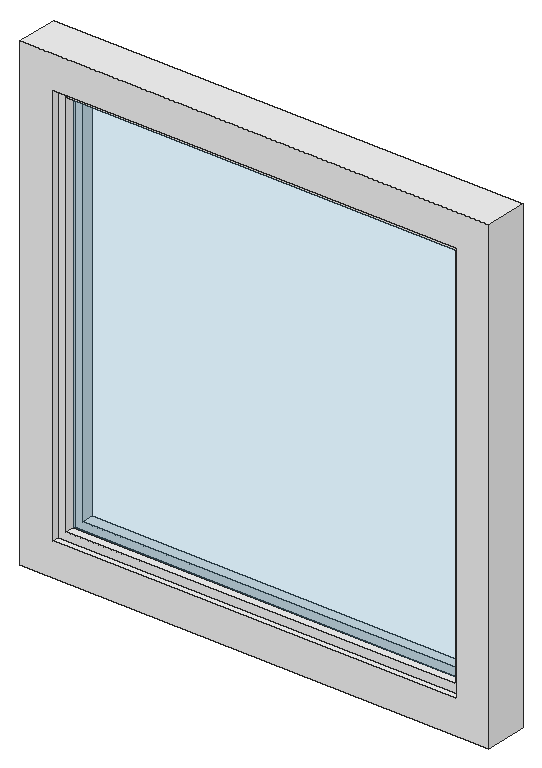
Revit family "Aspekt Casement Awning 3-1.25 Frame", category Windows, host Wall, Revit 2019
Family settings
  Host = Wall
  OmniClass Number = 23.30.20.00
  OmniClass Title = Windows
  Always vertical = Yes
  Cut with Voids When Loaded = Yes
  Shared = No
  Room Calculation Point = No
Parameters
  ifcExportType = "Door"  # constant formula
  ifcExportAs = "ifcWindowsType"  # constant formula
  Visual Light Transmittance = 0.78
  Uniclass 2015 Name = "Door and window systems"  # constant formula
  Uniclass 2015 Code = "Ss_25_03"  # constant formula
  URL = "www.rehau.com"
  Thermal Resistance (R) = 0.3501 (m²·K)/W
  Solar Heat Gain Coefficient = 0.7
  Rough Width = REH_Unit Width  # 1000 mm
  Rough Height = REH_Unit Height  # 1000 mm
  REH_WIND_RESISTANCE = "-"  # constant formula
  REH_WINDOWS_INSET = 150 mm
  REH_WATER_TIGHTNESS = "-"  # constant formula
  REH_Unit Width = Width  # 1000 mm
  REH_Unit Height = Height  # 1000 mm
  REH_SIZE_LIMIT_ERROR_OCCURRED = if(or(REH_MAXIMUM_WIDTH_EXCEEDED_1, REH_MAXIMUM_HEIGHT_EXCEEDED_1), 1 < 2, 1 > 2)  # no
  REH_SECTIONS = "-"  # constant formula
  REH_PROFILES_CONSTRUCTION_DEPTH = "-"  # constant formula
  REH_OPENING_TYPES = "-"  # constant formula
  REH_Material = RAU-PVC
  REH_MAXIMUM_WIDTH_EXCEEDED_1 = if(Width > REH_MAXIMUM_WIDTH_EXCEEDED, 1 < 2, 1 > 2)  # no
  REH_MAXIMUM_WIDTH_EXCEEDED = 2000 mm  # constant formula
  REH_MAXIMUM_WEIGHT = 40.00 kg  # constant formula
  REH_MAXIMUM_HEIGHT_EXCEEDED_1 = if(Height > REH_MAXIMUM_HEIGHT_EXCEEDED, 1 < 2, 1 > 2)  # no
  REH_MAXIMUM_HEIGHT_EXCEEDED = 1300 mm  # constant formula
  REH_GLAZING_CAPACITY = "-"  # constant formula
  REH_ERROR_MESSAGE_VISIBLE (default) = if(REH_DISPLAY_ERROR_MESSAGE, if(REH_SIZE_LIMIT_ERROR_OCCURRED, 1 < 2, 2 < 1), 2 < 1)  # no
  REH_DISPLAY_ERROR_MESSAGE = yes
  REH_DESCRIPTION_SHORT_SPA = "-"  # constant formula
  REH_DESCRIPTION_SHORT_ENG = "-"  # constant formula
  REH_DESCRIPTION_SHORT = if(REH_DESCRIPTION_LANGUAGE = REH_DESCRIPTION_LANGUAGE_SPA, REH_DESCRIPTION_SHORT_SPA, if(REH_DESCRIPTION_LANGUAGE = REH_DESCRIPTION_LANGUAGE_ENG, REH_DESCRIPTION_SHORT_ENG, "Not available"))  # "-"
  REH_DESCRIPTION_LANGUAGE_SPA = LANGUAGE : ESPAÑOL
  REH_DESCRIPTION_LANGUAGE_ENG = LANGUAGE : ENGLISH
  REH_DESCRIPTION_LANGUAGE = LANGUAGE : ESPAÑOL
  REH_DESCRIPTION = "Material RAU-PVC, libre de plomo\r\nEspesores de pared RAL-B o CEN B según UNE EN 12608\r\nSistema de estanqueidad Felpa con film seal\r\nProfundidad constructiva 60 - 78 - 88 - 108  mm\r\nNúmero de cámaras 2 (en hoja) - 3 (en marco)\r\nApoyo de la junta 8 mm\r\nCoeficiente de transmisión térmica Uw 2,23 W/m2K\r\nInsonorización Hasta Rw,P = 32 dB\r\nAcabado superficial Folios imitación madera y colores según RAL"
  REH_AIR_PERMEABILITY = "-"  # constant formula
  REH_ACOUSTIC_ISOLATION = "-"  # constant formula
  Model = "Aspekt Casement Awning 3-1.25 Frame"  # constant formula
  Manufacturer = "REHAU"  # constant formula
  Height = 1000 mm
  Heat Transfer Coefficient (U) = 2.8567 W/(m²·K)
  Default Sill Height = 150 mm
  Wall Closure = By host
  Width = 1000 mm
  Analytic Construction = "Double glazing - domestic SC=0.7"
Reference planes
  plane 1 "Center (Front/Back)": y = -75
  plane 2 "Center (Left/Right)": x = -700
  plane 3 "Sill": z = 150
  plane 4 "Exterior": y = 75
  plane 5 "Interior": y = -75
  plane 6: z = 1150
  plane 7: x = -1200
  plane 8: x = -200
  plane 9: y = -59
  plane 10: y = -84.45
  plane 11: x = -1130.745
  plane 12: x = -269.255
  plane 13: z = 219.255
  plane 14: z = 1080.745
Forms (mm)
  Sweep 1, solid, material "RAU-PVC" <- "REH_Material"
    path origin (0, -75, 0) x (1, 0, 0) y (0, 0, 1)
      loop
        line (-200, 150) -> (-200, 1150) -> (-1200, 1150) -> (-1200, 150) -> (-200, 150)
    profile origin (-200, -75, 650) x (-1, 0, 0) y (0, -1, 0)
      loop
        line (29.3, 30.599) -> (69.255, 30.599) -> (69.255, 44.45) -> (0, 44.45) -> (0, -44.45) -> (12.001, -44.45) -> (12.001, -39.35) -> (12.001, -0.878) -> (29.3, -0.878) -> (29.3, 30.599)
      loop
        line (22.2, -39.35) -> (85.252, -39.35) -> (85.252, -16) -> (69.255, -16) -> (69.255, 9.45) -> (85.252, 9.45) -> (85.252, 27.95) -> (49.7, 27.95) -> (49.7, 0) -> (33.4, 0) -> (33.4, -3.25) -> (22.2, -3.25) -> (22.2, -39.35)
  Extrusion 2, solid, material "Glass"
    sketch origin (0, 0, 0) x (1, 0, 0) y (0, 1, 0)
      loop
        line (-1130.745, -59) -> (-1130.745, -84.45) -> (-269.255, -84.45) -> (-269.255, -59) -> (-1130.745, -59)
    from 219.255 to 1080.745
Lines and regions (mm)
  Opening 1
    outline origin (3400, -75, 0) x (1, 0, 0) y (0, 0, 1)
      loop
        line (-3600, 150) -> (-3600, 1150) -> (-4600, 1150) -> (-4600, 150) -> (-3600, 150)
  Masking region 1
    outline origin (-700, 0, 0) x (0, -1, 0) y (0, 0, 1)
      loop
        line (119.45, 150) -> (119.45, 1150) -> (30.55, 1150) -> (30.55, 150) -> (119.45, 150)
  Masking region 2
    outline origin (0, 0, 0) x (1, 0, 0) y (0, 1, 0)
      loop
        line (-1200, -119.45) -> (-200, -119.45) -> (-200, -30.55) -> (-1200, -30.55) -> (-1200, -119.45)
  symbolic lines, style "WindowsGlassProjection", detail levels coarse
    curve 1: line (-700, -71.75, 235.252) -> (-700, -71.75, 1064.748)
    curve 6: line (-285.252, -71.75, 0) -> (-1114.748, -71.75, 0)
  symbolic lines, style "WindowsGlassProjection", detail levels fine
    curve 2: line (-700, -81.45, 219.255) -> (-700, -81.45, 1080.745)
    curve 4: line (-700, -62.05, 219.255) -> (-700, -62.05, 1080.745)
    curve 7: line (-269.255, -62.05, 0) -> (-1130.745, -62.05, 0)
    curve 9: line (-269.255, -81.45, 0) -> (-1130.745, -81.45, 0)
  symbolic lines, style "WindowsGlassProjection", detail levels medium+fine
    curve 3: line (-700, -84.45, 219.255) -> (-700, -84.45, 1080.745)
    curve 5: line (-700, -59, 219.255) -> (-700, -59, 1080.745)
    curve 8: line (-269.255, -59, 0) -> (-1130.745, -59, 0)
    curve 10: line (-269.255, -84.45, 0) -> (-1130.745, -84.45, 0)
Text (mm)
  text "EXTERIOR" at (-1963.203, 1332.353, 0), in view "Ref. Level"
  text "INTERIOR" at (-1981.466, -818.386, 0), in view "Ref. Level"
  text "Exterior" at (0, 923.751, 2943.296), in view "Right"
  text "Exterior" at (0, 1040.484, 2685.409), in view "Left"
Dimensions and locks
  "Default Sill Height": plane 3 "Sill" to level
  locked: plane 4 "Exterior" to host wall at 0
  locked: plane 5 "Interior" to host wall
  "REH_WINDOWS_INSET": plane 1 "Center (Front/Back)" to plane 4 "Exterior"
  "Height": plane 6 to plane 3 "Sill"
  equal spacing: plane 7, plane 2 "Center (Left/Right)", plane 8
  "Width": plane 7 to plane 8
  plane 9 to plane 1 "Center (Front/Back)" to plane 10 = 16 mm locked, 9.45 mm locked
  locked: plane 13 to plane 3 "Sill" at 69.255
  locked: plane 6 to plane 14 at 69.255
  locked: plane 8 to plane 12 at 69.255
  locked: plane 11 to plane 7 at 69.255
  aligned and locked: plane 8 to Opening 1 sketch curve
  aligned and locked: plane 7 to Opening 1 sketch curve
  aligned and locked: Opening 1 sketch curve to plane 6
  aligned and locked: plane 3 "Sill" to Opening 1 sketch curve
  aligned and locked: nested 3 to plane 7
  aligned and locked: nested 3 to plane 1 "Center (Front/Back)"
  aligned and locked: nested 4 to plane 8
  aligned and locked: plane 1 "Center (Front/Back)" to nested 4
  aligned and locked: plane 1 "Center (Front/Back)" to nested 5
  aligned and locked: plane 6 to nested 5
  aligned and locked: nested 6 to plane 3 "Sill"
  aligned and locked: nested 6 to plane 1 "Center (Front/Back)"
  aligned and locked: Masking region 1 sketch curve to nested 5  (x2)
  aligned and locked: nested 5 to Masking region 1 sketch curve
  aligned and locked: Masking region 1 sketch curve to nested 6
  aligned and locked: curve 1 to nested 5
  aligned and locked: curve 2 to nested 5
  aligned and locked: curve 3 to nested 5
  aligned and locked: curve 4 to nested 5
  aligned and locked: curve 5 to nested 5
  aligned and locked: nested 6 to curve 3
  aligned and locked: nested 6 to curve 2
  aligned and locked: nested 6 to curve 4
  aligned and locked: nested 6 to curve 5
  aligned and locked: nested 6 to curve 1
  aligned and locked: nested 5 to curve 5
  aligned and locked: nested 5 to curve 4
  aligned and locked: nested 5 to curve 2
  aligned and locked: nested 5 to curve 3
  aligned and locked: nested 5 to curve 1
  aligned and locked: nested 3 to Masking region 2 sketch curve  (x2)
  aligned and locked: Masking region 2 sketch curve to plane 7
  aligned and locked: Masking region 2 sketch curve to plane 8
  aligned and locked: curve 6 to nested 3
  aligned and locked: curve 7 to nested 3
  aligned and locked: curve 8 to nested 3
  aligned and locked: curve 9 to nested 3
  aligned and locked: curve 10 to nested 3
  aligned and locked: nested 4 to curve 8
  aligned and locked: nested 4 to curve 10
  aligned and locked: nested 4 to curve 9
  aligned and locked: nested 4 to curve 7
  aligned and locked: nested 4 to curve 6
  aligned and locked: nested 3 to curve 6
  aligned and locked: nested 3 to curve 8
  aligned and locked: nested 3 to curve 7
  aligned and locked: nested 3 to curve 9
  aligned and locked: nested 3 to curve 10
  aligned and locked: Sweep 1 sketch curve to plane 8
  aligned and locked: Sweep 1 sketch curve to plane 3 "Sill"
  aligned and locked: Sweep 1 sketch curve to plane 7
  aligned and locked: Sweep 1 sketch curve to plane 6
  aligned and locked: Extrusion 2 sketch curve to plane 11
  aligned and locked: Extrusion 2 sketch curve to plane 10
  aligned and locked: Extrusion 2 sketch curve to plane 9
  aligned and locked: Extrusion 2 sketch curve to plane 12
  aligned and locked: Extrusion 2 to plane 14
  aligned and locked: Extrusion 2 to plane 13
Automatic sketch dimensions
  Sweep 1 sketch curve to profile plane = 0 mm
  Sweep 1 sketch curve to plane 1 "Center (Front/Back)" = 0.878 mm
  Sweep 1 sketch curve to profile plane = 12.001 mm
  Sweep 1 sketch curve to Sweep 1 sketch curve = 17.299 mm
  Sweep 1 sketch curve to Sweep 1 sketch curve = 39.955 mm
  Sweep 1 sketch curve to Sweep 1 sketch curve = 38.472 mm
  Sweep 1 sketch curve to Sweep 1 sketch curve = 5.1 mm
  plane 1 "Center (Front/Back)" to Sweep 1 sketch curve = 30.599 mm
  Sweep 1 sketch curve to Sweep 1 sketch curve = 13.851 mm
  plane 1 "Center (Front/Back)" to Sweep 1 sketch curve = 0 mm
  Sweep 1 sketch curve to plane 1 "Center (Front/Back)" = 3.25 mm
  Sweep 1 sketch curve to Sweep 1 sketch curve = 7.1 mm
  Sweep 1 sketch curve to Sweep 1 sketch curve = 4.1 mm
  Sweep 1 sketch curve to Sweep 1 sketch curve = 16.3 mm
  Sweep 1 sketch curve to Sweep 1 sketch curve = 19.555 mm
  Sweep 1 sketch curve to Sweep 1 sketch curve = 15.997 mm  (x2)
  Sweep 1 sketch curve to Sweep 1 sketch curve = 0 mm
  Sweep 1 sketch curve to plane 1 "Center (Front/Back)" = 16 mm
  plane 1 "Center (Front/Back)" to Sweep 1 sketch curve = 9.45 mm
  Sweep 1 sketch curve to Sweep 1 sketch curve = 2.649 mm
Nested families
  nested 1: "Window error message selection" at (-700, 232.434, 0), visible <- "REH_ERROR_MESSAGE_VISIBLE (default)", type "SizeError"
  nested 2: "DISPLAY_ERROR_MESSAGE" at (-700, 241.595, 0), visible <- "REH_ERROR_MESSAGE_VISIBLE (default)", type "SizeError"
  nested 3: "ASPEKT BORDE" at (-1200, -72.5, 0) x (0, 1, 0) z (0, 0, 1), type "ASPEKT BORDE"
  nested 4: "ASPEKT BORDE" at (-200, -72.5, 0) x (0, 1, 0) z (0, 0, 1), type "ASPEKT BORDE"
  nested 5: "ASPEKT BORDE" at (-700, -72.5, 1150) x (0, 1, 0) z (-1, 0, 0), type "ASPEKT BORDE"
  nested 6: "ASPEKT BORDE" at (-700, -72.5, 150) x (0, 1, 0) z (-1, 0, 0), type "ASPEKT BORDE"
Definition of nested family "DISPLAY_ERROR_MESSAGE"
  Parameters (values of type "SizeError")
    SizeError = yes
    HeightError = no
  Reference planes
    plane 1 "Center (Front/Back)": y = 0
    plane 2: z = 0
    plane 3 "Center (Left/Right)": x = 0
  Forms (mm)
    Extrusion 1, solid
      sketch origin (-184.357, -382.731, 0) x (1, 0, 0) y (0, 1, 0)
        loop
          line (184.357, 622.731) -> (45.792, 382.731) -> (322.921, 382.731) -> (184.357, 622.731)
        loop
          line (184.357, 571.591) -> (89.357, 407.047) -> (279.357, 407.047) -> (184.357, 571.591)
        loop
          line (160.71, 498.078) -> (160.71, 443.078) -> (175.71, 443.078) -> (175.71, 498.078) -> (160.71, 498.078)
        loop
          line (160.71, 435.311) -> (160.71, 421.334) -> (175.71, 421.334) -> (175.71, 435.311) -> (160.71, 435.311)
      from 0 to 5
    Extrusion 2, solid, visible <- "HeightError"
      sketch origin (0, 0, 0) x (1, 0, 0) y (0, 1, 0)
        loop
          line (27.183, 101.803) -> (20.807, 112.848) -> (14.43, 101.803) -> (18.307, 101.803) -> (18.307, 64.287) -> (14.22, 64.287) -> (20.807, 52.879) -> (27.393, 64.287) -> (23.307, 64.287) -> (23.307, 101.803) -> (27.183, 101.803)
      from 0 to 5
    Extrusion 3, solid, visible <- "SizeError"
      sketch origin (13.461, -16.274, 0) x (1, 0, 0) y (0, 1, 0)
        loop
          line (27.183, 101.803) -> (20.807, 112.848) -> (14.43, 101.803) -> (18.307, 101.803) -> (18.307, 64.287) -> (14.22, 64.287) -> (20.807, 52.879) -> (27.393, 64.287) -> (23.307, 64.287) -> (23.307, 101.803) -> (27.183, 101.803)
      from 0 to 5
    Extrusion 4, solid, visible <- "SizeError"
      sketch origin (-48.595, 87.396, 0) x (0, -1, 0) y (1, 0, 0)
        loop
          line (27.183, 101.803) -> (20.807, 112.848) -> (14.43, 101.803) -> (18.307, 101.803) -> (18.307, 64.287) -> (14.22, 64.287) -> (20.807, 52.879) -> (27.393, 64.287) -> (23.307, 64.287) -> (23.307, 101.803) -> (27.183, 101.803)
      from 0 to 5
  Cuts and joins
    joined: Extrusion 3, Extrusion 4
  Dimensions and locks
    aligned and locked: level to plane 2
Definition of nested family "Window error message selection"
  Reference planes
    plane 1: y = 0
    plane 2: x = 0
  Text (mm)
    text "The width or height is too big\nPlease check the product catalog!" at (1.637, -2.03, 0)
Definition of nested family "ASPEKT BORDE"
  Reference planes
    plane 1 "Center (Front/Back)": y = 0
    plane 2: z = 0
    plane 3 "Center (Left/Right)": x = -2.5
    plane 4: x = -46.95
    plane 5: x = 41.95
    plane 6: y = -85.252
    plane 7: y = -69.255
    plane 8: x = -11.95
    plane 9: x = 13.5
    plane 10: x = -8.95
    plane 11: x = 0.75
    plane 12: x = 36.85
    plane 13: y = -12.001
    plane 14: x = -30.45
    plane 15: x = 10.45
  Lines and regions (mm)
    detail lines, in view "Ref. Level", detail levels coarse
      curve 1: line (-46.95, 0, 0) -> (41.95, 0, 0)
      curve 2: line (-46.95, -85.252, 0) -> (-46.95, 0, 0)
      curve 3: line (41.95, -85.252, 0) -> (-46.95, -85.252, 0)
      curve 4: line (41.95, 0, 0) -> (41.95, -85.252, 0)
    detail lines, in view "Ref. Level", detail levels medium
      curve 5: line (-30.45, -85.252, 0) -> (-30.45, -49.7, 0)
      curve 6: line (-33.099, -69.255, 0) -> (-46.95, -69.255, 0)
      curve 7: line (-46.95, -69.255, 0) -> (-46.95, 0, 0)
      curve 8: line (-46.95, 0, 0) -> (41.95, 0, 0)
      curve 9: line (41.95, 0, 0) -> (41.95, -12.001, 0)
      curve 10: line (41.95, -12.001, 0) -> (36.85, -12.001, 0)
      curve 11: line (36.85, -22.2, 0) -> (36.85, -85.252, 0)
      curve 12: line (36.85, -85.252, 0) -> (13.5, -85.252, 0)
      curve 13: line (13.5, -85.252, 0) -> (13.5, -69.255, 0)
      curve 14: line (13.5, -69.255, 0) -> (-11.95, -69.255, 0)
      curve 15: line (-11.95, -69.255, 0) -> (-11.95, -85.252, 0)
      curve 16: line (-30.45, -85.252, 0) -> (-11.95, -85.252, 0)
      curve 17: line (-30.45, -49.7, 0) -> (-2.5, -49.7, 0)
      curve 18: line (-2.5, -49.7, 0) -> (-2.5, -33.4, 0)
      curve 19: line (-2.5, -33.4, 0) -> (0.75, -33.4, 0)
      curve 20: line (0.75, -33.4, 0) -> (0.75, -22.2, 0)
      curve 21: line (0.75, -22.2, 0) -> (36.85, -22.2, 0)
      curve 22: line (-33.099, -69.255, 0) -> (-33.099, -29.3, 0)
      curve 23: line (-33.099, -29.3, 0) -> (-1.622, -29.3, 0)
      curve 24: line (-1.622, -29.3, 0) -> (-1.622, -12.001, 0)
      curve 25: line (-1.622, -12.001, 0) -> (36.85, -12.001, 0)
  Dimensions and locks
    equal spacing: plane 4, plane 3 "Center (Left/Right)", plane 5
  Automatic sketch dimensions
    plane 1 "Center (Front/Back)" to curve 1 = 0 mm
    curve 1 to plane 4 = 0 mm
    curve 17 to plane 14 = 0 mm
    plane 7 to curve 15 = 0 mm
    curve 15 to plane 8 = 0 mm
    curve 18 to plane 3 "Center (Left/Right)" = 0 mm
    curve 20 to plane 11 = 0 mm
    curve 14 to plane 9 = 0 mm
    plane 6 to curve 12 = 0 mm
    curve 25 to plane 12 = 0 mm
    curve 10 to plane 5 = 0 mm
    plane 6 to curve 11 = 0 mm
    plane 6 to curve 16 = 0 mm
    curve 9 to plane 13 = 0 mm
    curve 23 to plane 14 = 2.649 mm
    curve 24 to plane 11 = 2.372 mm
    curve 17 to plane 7 = 19.555 mm
    curve 17 to curve 19 = 16.3 mm
    curve 19 to curve 24 = 4.1 mm
    curve 23 to curve 20 = 7.1 mm
    curve 21 to plane 12 = 0 mm
    plane 7 to curve 6 = 0 mm
